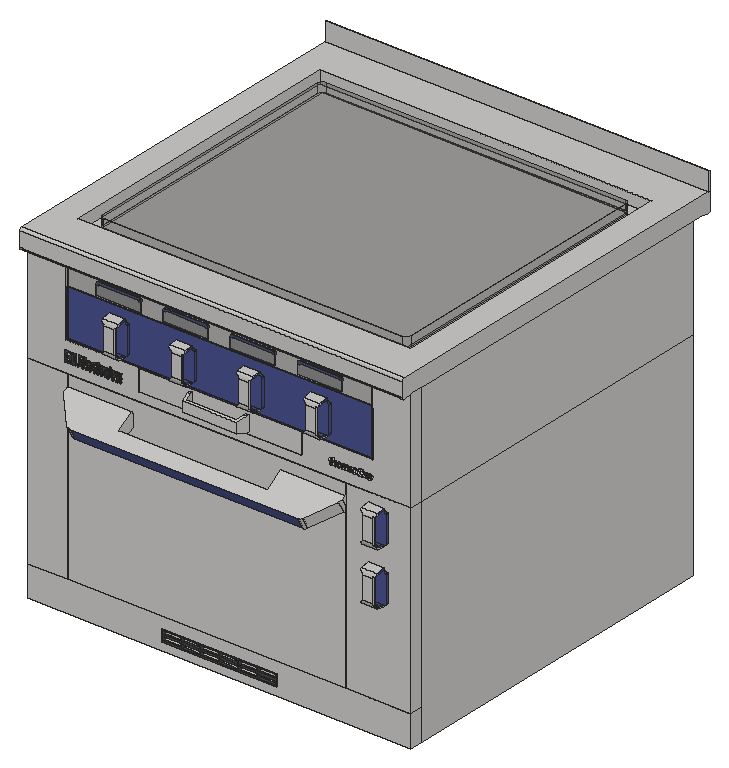
Revit family "QF_ELECTROLUXPROFESSIONAL_588415_MALMEBH8AO", category Attrezzature speciali, Revit 2020
Family settings
  Quota connettore circolare = Usa diametro
  Tipo di parte = Normale
  Basato su piano di lavoro = No
  Sempre verticale = Sì
  Taglio con vuoti quando caricato = No
  Condiviso = No
  Punto di calcolo locali = No
Parameters (values of type "Standard")
  Weight = 208.00 kg
  Watts = 17300 W
  Volts = 400 V
  URL Manufacturer = "https://www.electroluxprofessional.com/"
  URL = "https://www.electroluxprofessional.com/"
  Steam Supply Size = 0"
  Steam Supply Minimum Pressure = 0.00 psi
  Steam Supply Maximum Pressure = 0.00 psi
  Steam Consumption per Hour = 0
  Refrigeration Suction Line Size = 0 mm
  Refrigeration Liquid Line Size = 0 mm
  Refrigerant Compressor Remote = yes
  Prospetto di default = 0 mm
  Phase = 3
  Modello = "MALMEBH8AO"
  Produttore = "Electrolux Professional"
  Length Actual = 800 mm  # constant formula
  Item Number = "588415"
  Hot Water Size = 0"
  Height Actual = 700 mm  # constant formula
  HP = "23.2 HP"
  Gas Size = 0"
  Gas KW = 0
  Gas Input Pressure = 0.0 Btu/h
  Direct Waste Size = 0"
  Descrizione = "EL.SOLID T,ECO,ST.OV,1S,BS,800X800X700H"
  Depth Actual = 800 mm  # constant formula
  Cycle = 50 Hz
  Condensate Return Size = 0"
  Compressed Air Volume = 0 GPM
  Compressed Air Size = 0"
  Compressed Air Pressure = 0.00 psi
  Cold Water Size = 0"
  Accessory = yes
Reference planes
  plane 1 "BACK": y = 0
  plane 2: z = 0
  plane 3 "LEFT": x = 0
  plane 4 "RIGHT": x = 800
  plane 5 "FRONT": y = -800
  plane 6 "TOP": z = 900
  plane 7 "Center (Left/Right)": x = 400
  plane 8: y = -400
  plane 9: z = 200
  plane 10: y = -150
  plane 11 "Panel": y = -755
  plane 12: z = 798
  plane 13: z = 1327
  plane 14: x = 78
  plane 15: x = 722
  plane 16: y = -150
  plane 17: y = -650
  plane 18 "EIx": x = 755
  plane 19 "EIy": y = -585
Forms (mm)
  Extrusion 1, solid, material "QF_Finishes_Stainless Steel"
    sketch origin (-178.969, -4572, 200) x (-1, 0, 0) y (0, -1, 0)
      loop
        line (-178.969, -4527) -> (-178.969, -3817) -> (-978.969, -3817) -> (-978.969, -4527) -> (-178.969, -4527)
    from 450 to 663
  Extrusion 2, solid, material "QF_Finishes_Stainless Steel"
    sketch origin (0, 0, 0) x (0, 1, 0) y (0, 0, 1)
      loop
        line (-755, 200) -> (-755, 265) -> (-780, 265) -> (-780, 200) -> (-755, 200)
    from 0 to 800
  Extrusion 3, solid, material "QF_Finishes_Stainless Steel"
    sketch origin (-588.969, -4562, 200) x (-1, 0, 0) y (0, -1, 0)
      loop
        circle (-1343.969, -3977) r 6.35
    from 0 to -11.851
  Extrusion 4, solid, material "QF_Finishes_Stainless Steel"
    sketch origin (400, 296.4, 1219.2) x (0, 1, 0) y (0, 0, 1)
      loop
        line (-296.4, -319.2) -> (-1091.4, -319.2)
        arc (-1091.4, -319.2) -> (-1094.935, -320.664) -> (-1096.4, -324.2) r 5
        line (-1096.4, -324.2) -> (-1096.4, -355.2)
        arc (-1096.4, -355.2) -> (-1094.971, -358.264) -> (-1091.705, -359.139) r 4
        line (-1091.705, -359.139) -> (-1076.4, -356.231) -> (-316.4, -356.231) -> (-301.094, -359.139)
        arc (-301.094, -359.139) -> (-297.829, -358.264) -> (-296.4, -355.2) r 4
        line (-296.4, -355.2) -> (-296.4, -319.2)
    from -400 to 400
  Extrusion 5, solid, material "QF_Finishes_Electrolux_Black Smoke Iluminated"
    sketch origin (0, 0, 900) x (-1, 0, 0) y (0, -1, 0)
      loop
        arc (-88, 109) -> (-80.929, 111.929) -> (-78, 119) r 10
        line (-78, 119) -> (-78, 680)
        arc (-78, 680) -> (-80.929, 687.071) -> (-88, 690) r 10
        line (-88, 690) -> (-712, 690)
        arc (-712, 690) -> (-719.071, 687.071) -> (-722, 680) r 10
        line (-722, 680) -> (-722, 119)
        arc (-722, 119) -> (-719.071, 111.929) -> (-712, 109) r 10
        line (-712, 109) -> (-88, 109)
    from 0 to -20
  Extrusion 6, solid, material "QF_Finishes_Stainless Steel"
    sketch origin (-178.969, -4572, 200) x (-1, 0, 0) y (0, -1, 0)
      loop
        line (-178.969, -4527) -> (-178.969, -3817) -> (-978.969, -3817) -> (-978.969, -4527) -> (-178.969, -4527)
    from 450 to 0
  Extrusion 7, void
    sketch origin (0, -755, 0) x (-1, 0, 0) y (0, 0, 1)
      loop
        line (-520, 216.594) -> (-280, 216.594) -> (-280, 241.594) -> (-520, 241.594) -> (-520, 216.594)
    from 0 to -25
  Extrusion 8, solid, material "QF_Finishes_Black"
    sketch origin (0, -755, 0) x (-1, 0, 0) y (0, 0, 1)
      loop
        line (-280, 241.594) -> (-520, 241.594) -> (-520, 216.594) -> (-280, 216.594) -> (-280, 241.594)
      loop
        line (-282, 239.594) -> (-319.131, 239.594) -> (-319.131, 230.094) -> (-282, 230.094) -> (-282, 239.594)
      loop
        line (-282, 218.594) -> (-282, 228.094) -> (-319.131, 228.094) -> (-319.131, 218.594) -> (-282, 218.594)
      loop
        line (-321.131, 239.594) -> (-359.066, 239.594) -> (-359.066, 230.094) -> (-321.131, 230.094) -> (-321.131, 239.594)
      loop
        line (-399, 239.594) -> (-399, 230.094) -> (-361.066, 230.094) -> (-361.066, 239.594) -> (-399, 239.594)
      loop
        line (-401, 239.594) -> (-438.934, 239.594) -> (-438.934, 230.094) -> (-401, 230.094) -> (-401, 239.594)
      loop
        line (-359.066, 218.594) -> (-321.131, 218.594) -> (-321.131, 228.094) -> (-359.066, 228.094) -> (-359.066, 218.594)
      loop
        line (-361.066, 218.594) -> (-361.066, 228.094) -> (-399, 228.094) -> (-399, 218.594) -> (-361.066, 218.594)
      loop
        line (-401, 228.094) -> (-438.934, 228.094) -> (-438.934, 218.594) -> (-401, 218.594) -> (-401, 228.094)
      loop
        line (-518, 239.594) -> (-518, 230.094) -> (-480.869, 230.094) -> (-480.869, 239.594) -> (-518, 239.594)
      loop
        line (-518, 218.594) -> (-480.869, 218.594) -> (-480.869, 228.094) -> (-518, 228.094) -> (-518, 218.594)
      loop
        line (-478.869, 239.594) -> (-478.869, 230.094) -> (-440.934, 230.094) -> (-440.934, 239.594) -> (-478.869, 239.594)
      loop
        line (-440.934, 218.594) -> (-440.934, 228.094) -> (-478.869, 228.094) -> (-478.869, 218.594) -> (-440.934, 218.594)
    from -25.03 to -20
  Extrusion 9, void
    sketch origin (0, 0, 900) x (-1, 0, 0) y (0, -1, 0)
      loop
        line (-53, 715) -> (-747, 715) -> (-747, 84) -> (-53, 84) -> (-53, 715)
    from 0 to -25
  Extrusion 10, solid, material "QF_Finishes_Stainless Steel"
    sketch origin (0, 0, 900) x (-1, 0, 0) y (0, -1, 0)
      loop
        line (-82, 113) -> (-82, 686) -> (-718, 686) -> (-718, 113) -> (-82, 113)
    from -20 to -25
  Extrusion 11, solid, material "QF_Finishes_Stainless Steel"
    sketch origin (400, 296.4, 1219.2) x (0, 1, 0) y (0, 0, 1)
      loop
        line (-299.4, -319.2) -> (-296.4, -319.2) -> (-296.4, -281.2) -> (-299.4, -281.2) -> (-299.4, -319.2)
    from -400 to 400
Cuts and joins
  Extrusion 7 cuts Extrusion 6
  Extrusion 7 cuts Extrusion 2
  Extrusion 9 cuts Extrusion 4
Lines and regions (mm)
  symbolic lines
    curve 1: line (0, 0, 200) -> (800, 0, 200)
    curve 2: line (0, -800, 200) -> (0, 0, 200)
    curve 3: line (800, -800, 200) -> (0, -800, 200)
    curve 4: line (800, 0, 200) -> (800, -800, 200)
    curve 5: line (712, -109, 200) -> (88, -109, 200)
    curve 6: line (78, -119, 200) -> (78, -680, 200)
    curve 7: line (88, -690, 200) -> (712, -690, 200)
    curve 8: line (722, -680, 200) -> (722, -119, 200)
    curve 9: arc (88, -109, 200) -> (80.929, -111.929, 200) -> (78, -119, 200) r 10
    curve 10: arc (722, -119, 200) -> (719.071, -111.929, 200) -> (712, -109, 200) r 10
    curve 11: arc (712, -690, 200) -> (719.071, -687.071, 200) -> (722, -680, 200) r 10
    curve 12: arc (78, -680, 200) -> (80.929, -687.071, 200) -> (88, -690, 200) r 10
    curve 13: line (747, -84, 900) -> (53, -84, 900)
    curve 14: line (53, -84, 900) -> (53, -715, 900)
    curve 15: line (747, -715, 900) -> (747, -84, 900)
    curve 16: line (53, -715, 900) -> (747, -715, 900)
  model lines, style "SpecialityEquipment"
    curve 17: arc (584, -161, 900) -> (530.967, -289.033, 900) -> (659, -236, 900) r 75
    curve 18: line (639, -236, 900) -> (679, -236, 900)
    curve 19: line (679, -236, 900) -> (659, -216, 900)
    curve 20: line (639, -236, 900) -> (659, -216, 900)
    curve 21: arc (216, -161, 900) -> (162.967, -289.033, 900) -> (291, -236, 900) r 75
    curve 22: line (271, -236, 900) -> (311, -236, 900)
    curve 23: line (311, -236, 900) -> (291, -216, 900)
    curve 24: line (271, -236, 900) -> (291, -216, 900)
    curve 25: arc (584, -489, 900) -> (530.967, -617.033, 900) -> (659, -564, 900) r 75
    curve 26: line (639, -564, 900) -> (679, -564, 900)
    curve 27: line (679, -564, 900) -> (659, -544, 900)
    curve 28: line (639, -564, 900) -> (659, -544, 900)
    curve 29: arc (216, -489, 900) -> (162.967, -617.033, 900) -> (291, -564, 900) r 75
    curve 30: line (271, -564, 900) -> (311, -564, 900)
    curve 31: line (311, -564, 900) -> (291, -544, 900)
    curve 32: line (271, -564, 900) -> (291, -544, 900)
Dimensions and locks
  plane 3 "LEFT" to plane 4 "RIGHT" = 800 mm
  plane 5 "FRONT" to plane 1 "BACK" = 800 mm
  equal spacing: plane 3 "LEFT", plane 7 "Center (Left/Right)", plane 4 "RIGHT"
  equal spacing: plane 5 "FRONT", plane 8, plane 1 "BACK"
  plane 6 "TOP" to level = 900 mm  (x2)
  plane 9 to level = 200 mm
  plane 1 "BACK" to plane 10 to plane 11 "Panel" = 150 mm, 605 mm  (x2)
  plane 6 "TOP" to plane 9 to level = 700 mm, 200 mm
  plane 1 "BACK" to plane 5 "FRONT" = 800 mm
  plane 1 "BACK" to Extrusion 3 = 585 mm
  plane 12 to plane 9 = 598 mm
  plane 13 to plane 6 "TOP" = 427 mm
  plane 6 "TOP" to plane 12 = 102 mm
  plane 14 to plane 3 "LEFT" = 78 mm
  plane 15 to plane 4 "RIGHT" = 78 mm
  locked: plane 1 "BACK" to plane 16 at 150
  locked: plane 16 to plane 17 at 500
  plane 11 "Panel" to plane 5 "FRONT" = 45 mm
  plane 18 "EIx" to plane 4 "RIGHT" = 45 mm
  plane 19 "EIy" to plane 1 "BACK" = 585 mm
  aligned and locked: level to plane 2
  aligned and locked: Extrusion 2 to plane 4 "RIGHT"
  aligned and locked: plane 3 "LEFT" to nested 1
Automatic sketch dimensions
  Extrusion 2 sketch curve to plane 9 = 0 mm
  Extrusion 2 sketch curve to plane 11 "Panel" = 0 mm
  Extrusion 2 sketch curve to plane 5 "FRONT" = 20 mm
  plane 9 to Extrusion 2 sketch curve = 65 mm
  Extrusion 3 sketch curve to plane 18 "EIx" = 0 mm
  Extrusion 3 sketch curve to plane 19 "EIy" = 0 mm
  Extrusion 4 sketch curve to plane 5 "FRONT" = 0 mm
  Extrusion 4 sketch curve to plane 6 "TOP" = 0 mm
  Extrusion 4 sketch curve to plane 1 "BACK" = 0 mm
  Extrusion 4 sketch curve to plane 5 "FRONT" = 4 mm
  Extrusion 4 sketch curve to Extrusion 4 sketch curve = 0.695 mm
  Extrusion 4 sketch curve to plane 5 "FRONT" = 5 mm
  Extrusion 4 sketch curve to Extrusion 4 sketch curve = 15.305 mm
  plane 1 "BACK" to Extrusion 4 sketch curve = 20 mm
  plane 1 "BACK" to Extrusion 4 sketch curve = 4.695 mm
  Extrusion 4 sketch curve to Extrusion 4 sketch curve = 4 mm
  Extrusion 4 sketch curve to Extrusion 4 sketch curve = 31 mm
  Extrusion 4 sketch curve to plane 6 "TOP" = 36 mm
  Extrusion 4 sketch curve to Extrusion 4 sketch curve = 2.909 mm
  Extrusion 5 sketch curve to plane 15 = 0 mm
  Extrusion 5 sketch curve to plane 14 = 0 mm
  plane 15 to Extrusion 5 sketch curve = 10 mm  (x2)
  Extrusion 5 sketch curve to Extrusion 5 sketch curve = 10 mm  (x2)
  plane 10 to Extrusion 5 sketch curve = 41 mm
  plane 17 to Extrusion 5 sketch curve = 30 mm
  plane 9 to Extrusion 7 sketch curve = 41.594 mm
  plane 7 "Center (Left/Right)" to Extrusion 7 sketch curve = 120 mm
  Extrusion 7 sketch curve to plane 7 "Center (Left/Right)" = 120 mm
  plane 9 to Extrusion 7 sketch curve = 16.594 mm
  plane 9 to Extrusion 8 sketch curve = 41.594 mm
  plane 7 "Center (Left/Right)" to Extrusion 8 sketch curve = 120 mm
  Extrusion 8 sketch curve to Extrusion 8 sketch curve = 2 mm  (x15)
  Extrusion 8 sketch curve to Extrusion 8 sketch curve = 0 mm  (x16)
  Extrusion 8 sketch curve to Extrusion 8 sketch curve = 37.131 mm  (x2)
  Extrusion 8 sketch curve to Extrusion 8 sketch curve = 37.934 mm  (x3)
  plane 7 "Center (Left/Right)" to Extrusion 8 sketch curve = 1 mm  (x2)
  Extrusion 8 sketch curve to plane 7 "Center (Left/Right)" = 1 mm  (x2)
  plane 9 to Extrusion 8 sketch curve = 18.594 mm  (x4)
  Extrusion 8 sketch curve to Extrusion 8 sketch curve = 9.5 mm  (x6)
  plane 18 "EIx" to Extrusion 9 sketch curve = 8 mm
  plane 14 to Extrusion 9 sketch curve = 25 mm
  plane 10 to Extrusion 9 sketch curve = 66 mm
  plane 11 "Panel" to Extrusion 9 sketch curve = 40 mm
  Extrusion 10 sketch curve to plane 14 = 4 mm
  plane 15 to Extrusion 10 sketch curve = 4 mm
  plane 17 to Extrusion 10 sketch curve = 36 mm
  plane 10 to Extrusion 10 sketch curve = 37 mm
  Extrusion 1 sketch curve to plane 4 "RIGHT" = 0 mm
  Extrusion 1 sketch curve to plane 3 "LEFT" = 0 mm
  Extrusion 1 sketch curve to plane 11 "Panel" = 0 mm
  plane 1 "BACK" to Extrusion 1 sketch curve = 45 mm
  plane 1 "BACK" to curve 1 = 0 mm
  curve 1 to plane 4 "RIGHT" = 0 mm
  curve 8 to plane 15 = 0 mm
  curve 6 to plane 14 = 0 mm
  curve 2 to plane 3 "LEFT" = 0 mm
  plane 5 "FRONT" to curve 3 = 0 mm
  plane 15 to curve 5 = 10 mm
  curve 11 to curve 11 = 10 mm
  curve 5 to plane 14 = 10 mm
  curve 12 to curve 6 = 10 mm
  plane 10 to curve 5 = 41 mm
  plane 17 to curve 11 = 30 mm
  Extrusion 6 sketch curve to plane 4 "RIGHT" = 0 mm
  Extrusion 6 sketch curve to plane 3 "LEFT" = 0 mm
  Extrusion 6 sketch curve to plane 11 "Panel" = 0 mm
  plane 1 "BACK" to Extrusion 6 sketch curve = 45 mm
  plane 18 "EIx" to curve 13 = 8 mm
  plane 14 to curve 14 = 25 mm
  plane 10 to curve 13 = 66 mm
  plane 11 "Panel" to curve 16 = 40 mm
  Extrusion 11 sketch curve to plane 6 "TOP" = 0 mm
  Extrusion 11 sketch curve to plane 1 "BACK" = 0 mm
  Extrusion 11 sketch curve to Extrusion 11 sketch curve = 3 mm
  Extrusion 11 sketch curve to Extrusion 11 sketch curve = 38 mm
  plane 15 to curve 17 = 138 mm
  plane 19 "EIy" to curve 25 = 21 mm
  plane 15 to curve 25 = 138 mm
  curve 21 to plane 14 = 138 mm
  plane 19 "EIy" to curve 29 = 21 mm
  curve 29 to plane 14 = 138 mm
  curve 17 to plane 10 = 86 mm
  curve 21 to plane 10 = 86 mm
  plane 15 to curve 19 = 43 mm
  plane 15 to curve 27 = 43 mm
  curve 26 to curve 27 = 20 mm
  curve 26 to curve 25 = 20 mm
  curve 18 to curve 17 = 20 mm
  curve 20 to curve 17 = 0 mm
  curve 17 to curve 20 = 20 mm
  curve 25 to curve 26 = 20 mm
  curve 31 to plane 7 "Center (Left/Right)" = 89 mm
  curve 23 to plane 7 "Center (Left/Right)" = 89 mm
  curve 22 to curve 24 = 20 mm
  curve 30 to curve 31 = 20 mm
  curve 30 to curve 29 = 20 mm
  curve 22 to curve 21 = 20 mm
  curve 29 to curve 32 = 20 mm
  curve 21 to curve 24 = 20 mm
  radius of Extrusion 3 sketch curve = 6.35 mm
Nested families
  nested 1: "Door_Panel_W800_A" at (300, -755, 0), type "Door_Panel_W800_A"
  nested 2: "FIT Range Control Handle" at (730, -783.167, -372.751), type "FIT Range Control Handle"
  nested 3: "FIT Range Control Handle" at (730, -783.167, -484.751), type "FIT Range Control Handle"
  nested 4: "Front_Panel_W800_Four Knobs" at (202.376, -755, 0), type "Front_Panel_W800_Four Knobs"
Connectors
  electrical at (755, -585, 188.149)
    settings: on Extrusion 3, index 1, voltage 400 V, apparent load 33000 VA, apparent load phase1 0 VA, apparent load phase2 0 VA, apparent load phase3 0 VA, power factor 1, load classification "Other", number of poles 1, system type 30, power factor state 1, is connector primary yes, connector utility no, sub classification motor no, connector description "ELECTRICAL CONNECTION"
Definition of nested family "Door_Panel_W800_A"
  Parameters
    Default Elevation = 0 mm
  Reference planes
    plane 1 "Center (Front/Back)": y = 0
    plane 2 "Ref. Level": z = 0
    plane 3: x = 500
    plane 4: x = -300
    plane 5 "Center (Left/Right)": x = 100
    plane 6: x = -215
    plane 7: x = 365
    plane 8 "Manopola": through (-6096, -50.059, 612.389) normal (0, -0.515, 0.8572)
    plane 9 "Top": z = 650
    plane 10: z = 265
    plane 11: z = 200
  Forms (mm)
    Extrusion 1, solid
      sketch origin (100, 0, 0) x (0, 1, 0) y (0, 0, 1)
        loop
          line (-25.03, 650) -> (-25.03, 265) -> (0, 265) -> (0, 650) -> (-25.03, 650)
      from 265 to 400
    Extrusion 2, solid
      sketch origin (100, 0, 0) x (0, 1, 0) y (0, 0, 1)
        loop
          line (-25.03, 650) -> (-25.03, 265) -> (0, 265) -> (0, 650) -> (-25.03, 650)
      from -400 to -315
    Extrusion 3, solid
      sketch origin (100, 0, 0) x (0, 1, 0) y (0, 0, 1)
        loop
          line (-25.03, 650) -> (-25.03, 265) -> (0, 265) -> (0, 650) -> (-25.03, 650)
      from -315 to 265
    Extrusion 4, solid
      sketch origin (0, -283.633, 472.044) x (0, 0.857167, 0.515038) y (-1, 0, 0)
        loop
          line (299.12, -365) -> (299.12, 215) -> (290.982, 215)
          arc (290.982, 215) -> (286.677, 214.026) -> (283.211, 211.293) r 10
          line (283.211, 211.293) -> (233.28, 170.86)
          arc (233.28, 170.86) -> (230.548, 167.394) -> (229.574, 163.089) r 10
          line (229.574, 163.089) -> (229.574, -313.089)
          arc (229.574, -313.089) -> (230.548, -317.394) -> (233.28, -320.86) r 10
          line (233.28, -320.86) -> (283.211, -361.293)
          arc (283.211, -361.293) -> (286.677, -364.026) -> (290.982, -365) r 10
          line (290.982, -365) -> (299.12, -365)
      from -27 to 0
    Extrusion 5, void
      sketch origin (100, 0, 0) x (0, 1, 0) y (0, 0, 1)
        loop
          line (-61.514, 605.507) -> (-47.608, 582.363) -> (-25.03, 595.93) -> (-25.03, 627.429) -> (-61.514, 605.507)
      from -180 to 130
    Extrusion 6, solid, detail levels coarse
      sketch origin (100, 0, 0) x (0, 1, 0) y (0, 0, 1)
        loop
          line (-25.03, 265) -> (-25.03, 650)
          arc (-25.03, 650) -> (-297.266, 537.236) -> (-410.03, 265) r 385
          line (-410.03, 265) -> (-25.03, 265)
      from -315 to 265
  Cuts and joins
    Extrusion 5 cuts Extrusion 4
    joined: Extrusion 3, Extrusion 4
  Lines and regions (mm)
    symbolic lines
      curve 1: line (-207.355, -45.043, 0) -> (-170.86, -83.673, 0)
      curve 2: line (-163.089, -86.85, 0) -> (313.089, -86.85, 0)
      curve 3: line (320.86, -83.673, 0) -> (357.355, -45.043, 0)
      curve 4: arc (-163.089, -86.85, 0) -> (-167.318, -86.101, 0) -> (-170.86, -83.673, 0) r 10.165
      curve 5: arc (313.089, -86.85, 0) -> (317.318, -86.101, 0) -> (320.86, -83.673, 0) r 10.165
      curve 6: line (-215, -45.043, 0) -> (-215, -410.03, 0)
      curve 7: line (-215, -410.03, 0) -> (365, -410.03, 0)
      curve 8: line (365, -410.03, 0) -> (365, -45.03, 0)
  Dimensions and locks
    plane 3 to plane 4 = 800 mm
    plane 4 to plane 3 = 800 mm
    equal spacing: plane 3, plane 5 "Center (Left/Right)", plane 4
    plane 6 to plane 4 = 85 mm
    plane 3 to plane 7 = 135 mm
    plane 11 to level = 200 mm
    plane 10 to plane 11 = 65 mm
    plane 10 to plane 9 "Top" = 385 mm
    plane 9 "Top" to plane 11 = 450 mm
    aligned and locked: plane 3 to Extrusion 1
    aligned and locked: cut or joined group of Extrusion 3, Extrusion 4, Extrusion 5 to plane 6
    aligned and locked: cut or joined group of Extrusion 3, Extrusion 4, Extrusion 5 to plane 7
    aligned and locked: plane 7 to Extrusion 1
    aligned and locked: plane 6 to Extrusion 2
    aligned and locked: Extrusion 2 to plane 4
    aligned and locked: plane 10 to Extrusion 2
    aligned and locked: plane 10 to cut or joined group of Extrusion 3, Extrusion 4, Extrusion 5
    aligned and locked: plane 10 to Extrusion 1
    aligned and locked: Extrusion 6 to plane 6
    aligned and locked: Extrusion 6 to plane 7
  Automatic sketch dimensions
    Extrusion 5 sketch curve to plane 8 "Manopola" = 0 mm  (x2)
    plane 1 "Center (Front/Back)" to Extrusion 5 sketch curve = 61.514 mm
    Extrusion 5 sketch curve to Extrusion 5 sketch curve = 13.906 mm
    plane 1 "Center (Front/Back)" to Extrusion 5 sketch curve = 25.03 mm
    Extrusion 4 sketch curve to plane 7 = 0 mm
    Extrusion 4 sketch curve to plane 6 = 0 mm
    plane 6 to Extrusion 4 sketch curve = 51.911 mm
    plane 7 to Extrusion 4 sketch curve = 44.14 mm
    Extrusion 4 sketch curve to Extrusion 4 sketch curve = 3.707 mm  (x2)
    plane 6 to Extrusion 4 sketch curve = 44.14 mm
    plane 7 to Extrusion 4 sketch curve = 3.707 mm
    Extrusion 4 sketch curve to Extrusion 4 sketch curve = 49.93 mm  (x2)
    plane 6 to Extrusion 4 sketch curve = 3.707 mm
    Extrusion 4 sketch curve to Extrusion 4 sketch curve = 7.771 mm  (x3)
    Extrusion 4 sketch curve to Extrusion 4 sketch curve = 8.138 mm
    Extrusion 2 sketch curve to plane 1 "Center (Front/Back)" = 0 mm
    Extrusion 3 sketch curve to plane 1 "Center (Front/Back)" = 0 mm
    Extrusion 1 sketch curve to plane 1 "Center (Front/Back)" = 0 mm
    Extrusion 2 sketch curve to plane 9 "Top" = 0 mm
    Extrusion 2 sketch curve to Extrusion 2 sketch curve = 25.03 mm
    Extrusion 3 sketch curve to plane 9 "Top" = 0 mm
    Extrusion 3 sketch curve to Extrusion 3 sketch curve = 25.03 mm
    Extrusion 1 sketch curve to plane 9 "Top" = 0 mm
    plane 1 "Center (Front/Back)" to Extrusion 1 sketch curve = 25.03 mm
    level to Extrusion 1 sketch curve = 265 mm
    level to Extrusion 2 sketch curve = 265 mm
    level to Extrusion 3 sketch curve = 265 mm
    plane 10 to Extrusion 6 sketch curve = 0 mm
    Extrusion 6 sketch curve to plane 9 "Top" = 0 mm
    plane 1 "Center (Front/Back)" to Extrusion 6 sketch curve = 25.03 mm
    curve 7 to plane 7 = 0 mm
    plane 6 to curve 1 = 44.14 mm
    curve 4 to curve 4 = 7.389 mm
    curve 4 to curve 2 = 7.771 mm
    plane 7 to curve 2 = 51.911 mm
    curve 2 to curve 5 = 0.382 mm
    curve 2 to curve 3 = 7.771 mm
    plane 1 "Center (Front/Back)" to curve 6 = 410.03 mm
    plane 1 "Center (Front/Back)" to curve 2 = 86.85 mm
    curve 2 to curve 3 = 3.177 mm
    curve 2 to curve 1 = 3.177 mm
    plane 7 to curve 3 = 7.645 mm
    plane 1 "Center (Front/Back)" to curve 3 = 45.043 mm
    curve 3 to curve 8 = 0.013 mm
    curve 7 to plane 6 = 0 mm
    curve 6 to curve 1 = 7.645 mm
    plane 1 "Center (Front/Back)" to curve 1 = 45.043 mm
    curve 6 to curve 1 = 0 mm
Definition of nested family "FIT Range Control Handle"
  Parameters
    Default Elevation = 0 mm
  Reference planes
    plane 1 "Center (Front/Back)": y = 0
    plane 2: z = 0
    plane 3 "Center (Left/Right)": x = 0
    plane 4: z = 971.092
    plane 5: y = -16.8
  Forms (mm)
    Extrusion 1, solid
      sketch origin (-746.28, 380.497, 208.931) x (-1, 0, 0) y (0, 0, 1)
        loop
          line (-770.101, 786.798) -> (-770.101, 731.649)
          arc (-770.101, 731.649) -> (-769.759, 730.563) -> (-768.855, 729.87) r 1.893
          line (-768.855, 729.87) -> (-763.474, 727.911) -> (-729.81, 727.911) -> (-724.428, 729.87)
          arc (-724.428, 729.87) -> (-723.525, 730.563) -> (-723.183, 731.649) r 1.893
          line (-723.183, 731.649) -> (-723.183, 786.798)
          arc (-723.183, 786.798) -> (-723.529, 787.894) -> (-724.44, 788.593) r 1.91
          line (-724.44, 788.593) -> (-729.683, 790.819) -> (-763.601, 790.819) -> (-768.844, 788.593)
          arc (-768.844, 788.593) -> (-769.755, 787.894) -> (-770.101, 786.798) r 1.91
      from -382.35 to -378.852
    Sweep 2, solid
      path origin (-746.788, 380.496, 208.091) x (0, -1, 0) y (0, 0, 1)
        loop
          line (379.775, 793.281) -> (395.661, 791.048)
          arc (395.661, 791.048) -> (397.781, 787.377) -> (398.517, 783.202) r 12.207
          line (398.517, 783.202) -> (398.517, 737.368)
          arc (398.517, 737.368) -> (397.781, 733.193) -> (395.661, 729.522) r 12.207
          line (395.661, 729.522) -> (379.775, 727.289)
      profile origin (-746.788, -7.222, 1000.256) x (0, -0.139173, 0.990268) y (-1, 0, 0)
        loop
          line (0.782, -763.123) -> (0.782, -730.907) -> (-1.322, -730.907) -> (-1.322, -763.123) -> (0.782, -763.123)
    Sweep 3, solid
      path origin (-746.788, 380.715, 207.832) x (0, -1, 0) y (0, 0, 1)
        loop
          line (380.478, 795.442) -> (397.218, 793.09)
          arc (397.218, 793.09) -> (399.929, 788.473) -> (400.871, 783.202) r 15.207
          line (400.871, 783.202) -> (400.871, 737.584)
          arc (400.871, 737.584) -> (399.914, 732.274) -> (397.164, 727.633) r 15.207
          line (397.164, 727.633) -> (380.601, 725.305)
      profile origin (-746.788, -8.132, 1002.099) x (0, -0.139173, 0.990268) y (-1, 0, 0)
        loop
          line (0.782, -763.123) -> (0.782, -730.907) -> (-1.322, -730.907) -> (-1.322, -763.123) -> (0.782, -763.123)
    Extrusion 4, void
      sketch origin (889.253, 220.666, 207.993) x (1, 0, 0) y (0, 0, 1)
        loop
          line (-943.038, 816.854) -> (-943.038, 703.686) -> (-899.466, 734.196) -> (-899.466, 786.344) -> (-943.038, 816.854)
      from 230.636 to 242.25
    Extrusion 5, void
      sketch origin (-888.8, 220.666, 207.993) x (-1, 0, 0) y (0, 0, -1)
        loop
          line (-943.038, -816.854) -> (-899.466, -786.344) -> (-899.466, -734.196) -> (-943.038, -703.686) -> (-943.038, -816.854)
      from 230.636 to 242.25
    Extrusion 6, solid
      sketch origin (0, 0, 0) x (1, 0, 0) y (0, 0, 1)
        loop
          circle (0, 971.092) r 7.736
      from -3.137 to -1.645
  Cuts and joins
    Extrusion 4, Extrusion 5 cuts Sweep 3
    Extrusion 4, Extrusion 5 cuts Sweep 2
    joined: Extrusion 1, Extrusion 6
  Lines and regions (mm)
    symbolic lines
      curve 1: line (-15.881, -19.189, 0) -> (-15.881, -16.8, 0)
      curve 2: line (16.334, -19.189, 0) -> (16.334, -16.8, 0)
      curve 3: spline (-15.881, -19.189, 0) -> (-15.417, -19.349, 0) -> (-14.951, -19.501, 0) -> (-14.483, -19.646, 0) -> (-14.014, -19.783, 0) -> (-13.543, -19.912, 0) -> (-13.071, -20.033, 0) -> (-12.597, -20.146, 0) -> (-12.122, -20.251, 0) -> (-11.646, -20.349, 0) -> (-11.169, -20.438, 0) -> (-10.691, -20.52, 0) -> (-10.213, -20.593, 0)
      curve 4: spline (10.666, -20.593, 0) -> (11.144, -20.52, 0) -> (11.622, -20.438, 0) -> (12.099, -20.349, 0) -> (12.575, -20.251, 0) -> (13.05, -20.146, 0) -> (13.524, -20.033, 0) -> (13.996, -19.912, 0) -> (14.467, -19.783, 0) -> (14.936, -19.646, 0) -> (15.404, -19.501, 0) -> (15.87, -19.349, 0) -> (16.334, -19.189, 0)
      curve 5: line (-10.213, -20.938, 0) -> (10.716, -20.938, 0)
  Dimensions and locks
    cut or joined group of Sweep 3, Extrusion 4, Extrusion 5 to cut or joined group of Sweep 3, Extrusion 4, Extrusion 5 = 71.686 mm
Definition of nested family "Front_Panel_W800_Four Knobs"
  Parameters
    Default Elevation = 0 mm
  Reference planes
    plane 1 "Center (Front/Back)": y = 0
    plane 2: z = 0
    plane 3 "Center (Left/Right)": x = 197.624
    plane 4 "Left": x = -202.376
    plane 5 "Right": x = 597.624
    plane 6: y = -45
    plane 7: x = -12.376
    plane 8: x = 127.624
    plane 9: y = -310
    plane 10: y = -25
    plane 11: x = 517.624
    plane 12: x = -122.376
  Forms (mm)
    Extrusion 1, solid
      sketch origin (833.217, 829.203, -1.25) x (0, 1, 0) y (0, 0, 1)
        loop
          line (-854.203, 651.25) -> (-829.203, 651.25) -> (-829.203, 864.25) -> (-854.203, 864.25) -> (-854.203, 651.25)
      from -1035.593 to -235.593
    Extrusion 2, void
      sketch origin (0, 0, 0) x (1, 0, 0) y (0, 0, 1)
        loop
          line (-122.376, 853.866) -> (-122.376, 711.866) -> (517.624, 711.866) -> (517.624, 853.866) -> (-122.376, 853.866)
      from 19.387 to 33.951
    Extrusion 3, void
      sketch origin (0, 0, 0) x (1, 0, 0) y (0, 0, 1)
        loop
          line (30.124, 711.866) -> (30.124, 666.866) -> (370.124, 666.866) -> (370.124, 711.866) -> (30.124, 711.866)
      from 19.387 to 25
    Extrusion 4, solid
      sketch origin (0, 0, 0) x (1, 0, 0) y (0, 0, 1)
        loop
          line (31.124, 710.866) -> (31.124, 667.866) -> (369.124, 667.866) -> (369.124, 710.866) -> (31.124, 710.866)
      from 19.387 to 25
    Extrusion 5, solid
      sketch origin (0, 0, 0) x (1, 0, 0) y (0, 1, 0)
        loop
          line (141.059, -25) -> (135.966, -25) -> (140.646, -49.075) -> (254.603, -49.075) -> (259.283, -25) -> (254.189, -25) -> (250.481, -44.075) -> (144.767, -44.075) -> (141.059, -25)
      from 672.593 to 705.67
    Extrusion 6, void
      sketch origin (197.624, 0, 0) x (0, 1, 0) y (0, 0, 1)
        loop
          line (-30, 705.67) -> (-30, 710.67) -> (-56.744, 710.67) -> (-56.744, 667.593) -> (-30, 667.593) -> (-30, 672.593) -> (-53.776, 680.318) -> (-53.776, 697.945) -> (-30, 705.67)
      from -70 to 70
    Extrusion 7, solid, detail levels coarse
      sketch origin (0, -265, 0) x (1, 0, 0) y (0, 1, 0)
        loop
          line (140.646, -69.075) -> (254.603, -69.075) -> (259.283, -45) -> (364.124, -45) -> (364.124, 240) -> (31.124, 240) -> (31.124, -45) -> (135.966, -45) -> (140.646, -69.075)
      from 672.593 to 705.67
    Extrusion 8, void
      sketch origin (197.624, -280, 0) x (0, 1, 0) y (0, 0, 1)
        loop
          line (-30, 705.67) -> (-30, 710.67) -> (-56.744, 710.67) -> (-56.744, 667.593) -> (-30, 667.593) -> (-30, 672.593) -> (-53.776, 680.318) -> (-53.776, 697.945) -> (-30, 705.67)
      from -70 to 70
  Cuts and joins
    Extrusion 2, Extrusion 3 cuts Extrusion 1
    Extrusion 6, Extrusion 8 cuts Extrusion 5
    Extrusion 8 cuts Extrusion 7
  Lines and regions (mm)
    symbolic lines
      curve 1: line (31.124, -45, 0) -> (31.124, -310, 0)
      curve 2: line (31.124, -310, 0) -> (364.124, -310, 0)
      curve 3: line (135.966, -310, 0) -> (140.646, -334.075, 0)
      curve 4: line (140.646, -334.075, 0) -> (254.603, -334.075, 0)
      curve 5: line (254.603, -334.075, 0) -> (259.283, -310, 0)
      curve 6: line (364.124, -310, 0) -> (364.124, -45, 0)
      curve 7: line (31.124, -300, 0) -> (364.124, -300, 0)
      curve 8: line (140.874, -309.046, 0) -> (144.767, -329.075, 0)
      curve 9: line (144.767, -329.075, 0) -> (250.481, -329.075, 0)
      curve 10: line (250.481, -329.075, 0) -> (254.375, -309.046, 0)
  Dimensions and locks
    equal spacing: plane 5 "Right", plane 3 "Center (Left/Right)", plane 4 "Left"
    plane 5 "Right" to plane 4 "Left" = 800 mm
    plane 3 "Center (Left/Right)" to plane 7 = 210 mm
    plane 3 "Center (Left/Right)" to plane 8 = 70 mm
    plane 6 to plane 9 = 265 mm
    aligned and locked: cut or joined group of Extrusion 1, Extrusion 2, Extrusion 3 to plane 4 "Left"
    aligned and locked: plane 5 "Right" to cut or joined group of Extrusion 1, Extrusion 2, Extrusion 3
    aligned and locked: plane 3 "Center (Left/Right)" to nested 2
    aligned and locked: cut or joined group of Extrusion 1, Extrusion 2, Extrusion 3 to nested 2
  Automatic sketch dimensions
    plane 7 to Extrusion 3 sketch curve = 42.5 mm
    plane 3 "Center (Left/Right)" to Extrusion 3 sketch curve = 172.5 mm
    level to Extrusion 3 sketch curve = 666.866 mm
    Extrusion 3 sketch curve to Extrusion 3 sketch curve = 45 mm
    plane 7 to Extrusion 4 sketch curve = 43.5 mm
    plane 3 "Center (Left/Right)" to Extrusion 4 sketch curve = 171.5 mm
    level to Extrusion 4 sketch curve = 667.866 mm
    Extrusion 4 sketch curve to Extrusion 4 sketch curve = 43 mm
    plane 8 to Extrusion 5 sketch curve = 8.342 mm
    plane 6 to Extrusion 5 sketch curve = 4.075 mm
    plane 8 to Extrusion 5 sketch curve = 13.021 mm
    Extrusion 5 sketch curve to Extrusion 5 sketch curve = 5.094 mm  (x2)
    Extrusion 5 sketch curve to plane 6 = 0.925 mm
    Extrusion 5 sketch curve to Extrusion 5 sketch curve = 4.122 mm  (x2)
    plane 3 "Center (Left/Right)" to Extrusion 5 sketch curve = 52.857 mm
    Extrusion 5 sketch curve to plane 6 = 20 mm  (x2)
    Extrusion 5 sketch curve to Extrusion 5 sketch curve = 3.708 mm
    plane 6 to Extrusion 6 sketch curve = 11.744 mm
    plane 6 to Extrusion 6 sketch curve = 8.776 mm
    Extrusion 6 sketch curve to plane 6 = 15 mm  (x2)
    level to Extrusion 6 sketch curve = 667.593 mm
    Extrusion 6 sketch curve to Extrusion 6 sketch curve = 5 mm
    Extrusion 6 sketch curve to Extrusion 6 sketch curve = 12.725 mm  (x2)
    Extrusion 6 sketch curve to Extrusion 6 sketch curve = 17.627 mm
    Extrusion 6 sketch curve to Extrusion 6 sketch curve = 7.725 mm
    Extrusion 8 sketch curve to plane 9 = 26.744 mm
    Extrusion 8 sketch curve to plane 9 = 23.776 mm
    plane 9 to Extrusion 8 sketch curve = 0 mm  (x2)
    level to Extrusion 8 sketch curve = 667.593 mm
    Extrusion 8 sketch curve to Extrusion 8 sketch curve = 5 mm
    Extrusion 8 sketch curve to Extrusion 8 sketch curve = 12.725 mm  (x2)
    Extrusion 8 sketch curve to Extrusion 8 sketch curve = 17.627 mm
    Extrusion 8 sketch curve to Extrusion 8 sketch curve = 7.725 mm
    plane 9 to Extrusion 7 sketch curve = 0 mm  (x2)
    plane 7 to Extrusion 7 sketch curve = 43.5 mm
    plane 8 to Extrusion 7 sketch curve = 8.342 mm
    Extrusion 7 sketch curve to plane 9 = 24.075 mm
    plane 8 to Extrusion 7 sketch curve = 13.021 mm
    Extrusion 7 sketch curve to Extrusion 7 sketch curve = 104.842 mm
    Extrusion 7 sketch curve to plane 6 = 20 mm
    plane 3 "Center (Left/Right)" to Extrusion 7 sketch curve = 56.979 mm
    Extrusion 7 sketch curve to Extrusion 7 sketch curve = 4.68 mm
    Extrusion 1 sketch curve to plane 1 "Center (Front/Back)" = 0 mm
    level to Extrusion 1 sketch curve = 650 mm
    plane 4 "Left" to Extrusion 2 sketch curve = 80 mm
    Extrusion 2 sketch curve to plane 5 "Right" = 80 mm
    level to Extrusion 2 sketch curve = 711.866 mm
    Extrusion 2 sketch curve to Extrusion 2 sketch curve = 142 mm
    plane 6 to curve 1 = 0 mm
    plane 6 to curve 6 = 0 mm
    plane 9 to curve 1 = 0 mm
    plane 7 to curve 1 = 43.5 mm
    curve 4 to plane 9 = 24.075 mm
    plane 8 to curve 4 = 13.021 mm
    curve 3 to curve 8 = 4.122 mm
    plane 3 "Center (Left/Right)" to curve 4 = 56.979 mm
    curve 4 to curve 2 = 109.521 mm
    plane 8 to curve 3 = 8.342 mm
    curve 3 to curve 8 = 4.908 mm
    curve 9 to curve 4 = 4.122 mm
    curve 10 to plane 9 = 19.075 mm
    curve 9 to curve 5 = 8.801 mm
    plane 9 to curve 10 = 0.954 mm
    curve 10 to curve 5 = 4.908 mm
    curve 3 to curve 8 = 0.954 mm
    curve 1 to curve 7 = 10 mm
    Extrusion 1 sketch curve to plane 6 = 20 mm
    Extrusion 1 sketch curve to Extrusion 1 sketch curve = 213 mm
  Nested families
    nested 1: "Range Control Handle" at (-12.376, -28.137, -209.113) x (-1, 0, 0) z (0, 0, 1), type "Range Control Handle"
    nested 2: "Front glass control panel W800" at (197.624, 280.644, 2.752), type "Front glass control panel W800"
    nested 3: "Range Control Handle" at (127.624, -28.137, -209.113) x (-1, 0, 0) z (0, 0, 1), type "Range Control Handle"
    nested 4: "Range Control Handle" at (407.624, -28.137, -209.113), type "Range Control Handle"
    nested 5: "Range Control Handle" at (267.624, -28.137, -209.113), type "Range Control Handle"
    nested 6: "ELX_ThermaLine_Small" at (468.838, -25, 679.426) x (1, 0, 0) z (0, -1, 0), type "ELX_ThermaLine_Small"
      with Show Logo yes, Material_Logo none
    nested 7: "ELX_Professional_Logo_Small" at (-62.89, -25, 681.659) x (1, 0, 0) z (0, -1, 0), type "ELX_Professional_Logo_Small"
      with Show Logo yes, Material_Logo none
  Definition of nested family "Range Control Handle"
    Parameters
      Default Elevation = 0 mm
    Reference planes
      plane 1 "Center (Front/Back)": y = 0
      plane 2: z = 0
      plane 3 "Center (Left/Right)": x = 0
      plane 4: z = 971.092
      plane 5: y = -16.9
    Forms (mm)
      Extrusion 1, solid
        sketch origin (-746.28, 380.497, 208.931) x (-1, 0, 0) y (0, 0, 1)
          loop
            line (-770.101, 786.798) -> (-770.101, 731.649)
            arc (-770.101, 731.649) -> (-769.759, 730.563) -> (-768.855, 729.87) r 1.893
            line (-768.855, 729.87) -> (-763.474, 727.911) -> (-729.81, 727.911) -> (-724.428, 729.87)
            arc (-724.428, 729.87) -> (-723.525, 730.563) -> (-723.183, 731.649) r 1.893
            line (-723.183, 731.649) -> (-723.183, 786.798)
            arc (-723.183, 786.798) -> (-723.529, 787.894) -> (-724.44, 788.593) r 1.91
            line (-724.44, 788.593) -> (-729.683, 790.819) -> (-763.601, 790.819) -> (-768.844, 788.593)
            arc (-768.844, 788.593) -> (-769.755, 787.894) -> (-770.101, 786.798) r 1.91
        from -382.35 to -378.852
      Sweep 2, solid
        path origin (-746.788, 380.496, 208.091) x (0, -1, 0) y (0, 0, 1)
          loop
            line (379.775, 793.281) -> (395.661, 791.048)
            arc (395.661, 791.048) -> (397.781, 787.377) -> (398.517, 783.202) r 12.207
            line (398.517, 783.202) -> (398.517, 737.368)
            arc (398.517, 737.368) -> (397.781, 733.193) -> (395.661, 729.522) r 12.207
            line (395.661, 729.522) -> (379.775, 727.289)
        profile origin (-746.788, -7.222, 1000.256) x (0, -0.139173, 0.990268) y (-1, 0, 0)
          loop
            line (0.782, -763.123) -> (0.782, -730.907) -> (-1.322, -730.907) -> (-1.322, -763.123) -> (0.782, -763.123)
      Sweep 3, solid
        path origin (-746.788, 380.715, 207.832) x (0, -1, 0) y (0, 0, 1)
          loop
            line (380.478, 795.442) -> (397.218, 793.09)
            arc (397.218, 793.09) -> (399.929, 788.473) -> (400.871, 783.202) r 15.207
            line (400.871, 783.202) -> (400.871, 737.584)
            arc (400.871, 737.584) -> (399.914, 732.274) -> (397.164, 727.633) r 15.207
            line (397.164, 727.633) -> (380.601, 725.305)
        profile origin (-746.788, -8.132, 1002.099) x (0, -0.139173, 0.990268) y (-1, 0, 0)
          loop
            line (0.782, -763.123) -> (0.782, -730.907) -> (-1.322, -730.907) -> (-1.322, -763.123) -> (0.782, -763.123)
      Extrusion 4, void
        sketch origin (889.253, 220.666, 207.993) x (1, 0, 0) y (0, 0, 1)
          loop
            line (-943.038, 816.854) -> (-943.038, 703.686) -> (-899.466, 734.196) -> (-899.466, 786.344) -> (-943.038, 816.854)
        from 230.636 to 242.25
      Extrusion 5, void
        sketch origin (-888.8, 220.666, 207.993) x (-1, 0, 0) y (0, 0, -1)
          loop
            line (-943.038, -816.854) -> (-899.466, -786.344) -> (-899.466, -734.196) -> (-943.038, -703.686) -> (-943.038, -816.854)
        from 230.636 to 242.25
      Extrusion 6, solid
        sketch origin (0, 0, 0) x (1, 0, 0) y (0, 0, 1)
          loop
            circle (0, 971.092) r 7.736
        from -3.137 to -1.645
    Cuts and joins
      Extrusion 4, Extrusion 5 cuts Sweep 3
      Extrusion 4, Extrusion 5 cuts Sweep 2
      joined: Extrusion 1, Extrusion 6
    Lines and regions (mm)
      symbolic lines
        curve 1: line (16.334, -16.9, 0) -> (16.334, -19.227, 0)
        curve 2: spline (16.334, -19.227, 0) -> (15.87, -19.385, 0) -> (15.404, -19.536, 0) -> (14.936, -19.678, 0) -> (14.466, -19.813, 0) -> (13.995, -19.94, 0) -> (13.523, -20.059, 0) -> (13.049, -20.171, 0) -> (12.575, -20.274, 0) -> (12.099, -20.37, 0) -> (11.622, -20.458, 0) -> (11.144, -20.537, 0) -> (10.666, -20.609, 0)
        curve 3: line (10.666, -16.9, 0) -> (10.666, -20.938, 0)
        curve 4: line (-10.213, -20.938, 0) -> (10.666, -20.938, 0)
        curve 5: line (-10.213, -20.938, 0) -> (-10.213, -16.9, 0)
        curve 6: spline (-10.213, -20.609, 0) -> (-10.691, -20.537, 0) -> (-11.169, -20.458, 0) -> (-11.646, -20.37, 0) -> (-12.122, -20.274, 0) -> (-12.597, -20.171, 0) -> (-13.07, -20.059, 0) -> (-13.542, -19.94, 0) -> (-14.013, -19.813, 0) -> (-14.483, -19.678, 0) -> (-14.951, -19.536, 0) -> (-15.417, -19.385, 0) -> (-15.881, -19.227, 0)
        curve 7: line (-15.881, -19.227, 0) -> (-15.881, -16.9, 0)
  Definition of nested family "Front glass control panel W800"
    Parameters
      Default Elevation = 0 mm
    Reference planes
      plane 1 "Center (Front/Back)": y = 0
      plane 2: z = 0
      plane 3 "Center (Left/Right)": x = 0
    Forms (mm)
      Extrusion 1, solid
        sketch origin (378.286, 0, 0.617) x (1, 0, 0) y (0, 0, 1)
          loop
            line (-698.286, 806.791) -> (-698.286, 708.497) -> (-58.286, 708.497) -> (-58.286, 806.791) -> (-698.286, 806.791)
        from 300.031 to 304.8
      Extrusion 2, solid
        sketch origin (378.286, 0, 0.617) x (1, 0, 0) y (0, 0, 1)
          loop
            line (-698.286, 850.497) -> (-698.286, 806.791) -> (-58.286, 806.791) -> (-58.286, 850.497) -> (-698.286, 850.497)
        from 300.031 to 304.8
      Extrusion 3, void
        sketch origin (378.286, 0, 0.617) x (1, 0, 0) y (0, 0, 1)
          loop
            line (-695.628, 847.565) -> (-695.628, 710.699) -> (-61.196, 710.699) -> (-61.196, 847.565) -> (-695.628, 847.565)
        from 303.697 to 304.8
      Extrusion 4, solid
        sketch origin (-378.333, 1.101, -0.633) x (-1, 0, 0) y (0, 0, -1)
          loop
            line (-261.431, -812.62) -> (-355.186, -812.62) -> (-355.186, -834.177) -> (-350.269, -834.177) -> (-348.469, -835.977) -> (-268.039, -835.977) -> (-266.24, -834.177) -> (-261.431, -834.177) -> (-261.431, -812.62)
        from 304.798 to 306.745
      Extrusion 5, solid
        sketch origin (-378.333, 1.101, -0.633) x (-1, 0, 0) y (0, 0, -1)
          loop
            line (-350.269, -834.177) -> (-355.078, -834.177)
            arc (-355.078, -834.177) -> (-353.942, -838.747) -> (-349.686, -840.763) r 5.5
            line (-349.686, -840.763) -> (-266.98, -840.763)
            arc (-266.98, -840.763) -> (-262.706, -838.752) -> (-261.529, -834.177) r 5.549
            line (-261.529, -834.177) -> (-266.24, -834.177) -> (-268.039, -835.977) -> (-348.469, -835.977) -> (-350.269, -834.177)
        from 304.798 to 306.745
      Extrusion 6, solid
        sketch origin (-518.333, 1.101, -0.633) x (-1, 0, 0) y (0, 0, -1)
          loop
            line (-261.431, -812.62) -> (-355.186, -812.62) -> (-355.186, -834.177) -> (-350.269, -834.177) -> (-348.469, -835.977) -> (-268.039, -835.977) -> (-266.24, -834.177) -> (-261.431, -834.177) -> (-261.431, -812.62)
        from 304.798 to 306.745
      Extrusion 7, solid
        sketch origin (-518.333, 1.101, -0.633) x (-1, 0, 0) y (0, 0, -1)
          loop
            line (-350.269, -834.177) -> (-355.078, -834.177)
            arc (-355.078, -834.177) -> (-353.942, -838.747) -> (-349.686, -840.763) r 5.5
            line (-349.686, -840.763) -> (-266.98, -840.763)
            arc (-266.98, -840.763) -> (-262.706, -838.752) -> (-261.529, -834.177) r 5.549
            line (-261.529, -834.177) -> (-266.24, -834.177) -> (-268.039, -835.977) -> (-348.469, -835.977) -> (-350.269, -834.177)
        from 304.798 to 306.745
      Extrusion 8, solid
        sketch origin (378.333, 1.101, -0.633) x (1, 0, 0) y (0, 0, 1)
          loop
            line (-261.431, 812.62) -> (-261.431, 834.177) -> (-266.24, 834.177) -> (-268.039, 835.977) -> (-348.469, 835.977) -> (-350.269, 834.177) -> (-355.186, 834.177) -> (-355.186, 812.62) -> (-261.431, 812.62)
        from 304.798 to 306.745
      Extrusion 9, solid
        sketch origin (378.333, 1.101, -0.633) x (1, 0, 0) y (0, 0, 1)
          loop
            line (-350.269, 834.177) -> (-348.469, 835.977) -> (-268.039, 835.977) -> (-266.24, 834.177) -> (-261.529, 834.177)
            arc (-261.529, 834.177) -> (-262.706, 838.752) -> (-266.98, 840.763) r 5.549
            line (-266.98, 840.763) -> (-349.686, 840.763)
            arc (-349.686, 840.763) -> (-353.942, 838.747) -> (-355.078, 834.177) r 5.5
            line (-355.078, 834.177) -> (-350.269, 834.177)
        from 304.798 to 306.745
      Extrusion 10, solid
        sketch origin (518.333, 1.101, -0.633) x (1, 0, 0) y (0, 0, 1)
          loop
            line (-261.431, 812.62) -> (-261.431, 834.177) -> (-266.24, 834.177) -> (-268.039, 835.977) -> (-348.469, 835.977) -> (-350.269, 834.177) -> (-355.186, 834.177) -> (-355.186, 812.62) -> (-261.431, 812.62)
        from 304.798 to 306.745
      Extrusion 11, solid
        sketch origin (518.333, 1.101, -0.633) x (1, 0, 0) y (0, 0, 1)
          loop
            line (-350.269, 834.177) -> (-348.469, 835.977) -> (-268.039, 835.977) -> (-266.24, 834.177) -> (-261.529, 834.177)
            arc (-261.529, 834.177) -> (-262.706, 838.752) -> (-266.98, 840.763) r 5.549
            line (-266.98, 840.763) -> (-349.686, 840.763)
            arc (-349.686, 840.763) -> (-353.942, 838.747) -> (-355.078, 834.177) r 5.5
            line (-355.078, 834.177) -> (-350.269, 834.177)
        from 304.798 to 306.745
    Cuts and joins
      Extrusion 3 cuts Extrusion 1
      Extrusion 3 cuts Extrusion 2
    Dimensions and locks
      aligned and locked: Extrusion 1 to Extrusion 2
      aligned and locked: Extrusion 5 sketch curve to Extrusion 4  (x5)
      aligned and locked: Extrusion 5 to Extrusion 4
      aligned and locked: Extrusion 7 sketch curve to Extrusion 6  (x5)
      aligned and locked: Extrusion 7 to Extrusion 6
      aligned and locked: Extrusion 9 sketch curve to Extrusion 8  (x4)
      aligned and locked: Extrusion 8 to Extrusion 9 sketch curve
      aligned and locked: Extrusion 9 to Extrusion 8
      aligned and locked: Extrusion 11 sketch curve to Extrusion 10  (x4)
      aligned and locked: Extrusion 10 to Extrusion 11 sketch curve
      aligned and locked: Extrusion 11 to Extrusion 10
  Definition of nested family "ELX_ThermaLine_Small"
    Parameters
      Show Logo [instance] = yes
      Material_Logo [instance] = none
      Default Elevation = 0 mm
    Reference planes
      plane 1 "Centro (Fronte/Retro)": y = 0
      plane 2: z = 0
      plane 3 "Centro (Sinistra/Destra)": x = 0
    Forms (mm)
      Extrusion 1, solid
        sketch origin (0, 0, 0) x (1, 0, 0) y (0, 1, 0)
          loop
            line (-1219.2, 1219.2) -> (-1219.2, -1219.2) -> (1219.2, -1219.2) -> (1219.2, 1219.2) -> (-1219.2, 1219.2)
        from 0 to -304.8
      Extrusion 2, solid
        sketch origin (0, 0, 0) x (1, 0, 0) y (0, 1, 0)
          loop
            line (-37.494, 1.229) -> (-35.908, 1.229) -> (-35.908, 3.066) -> (-37.494, 3.066) -> (-37.494, 6.221) -> (-39.867, 4.881) -> (-39.867, 3.066) -> (-40.969, 3.066) -> (-40.969, 1.229) -> (-39.867, 1.229) -> (-39.867, -3.407)
            arc (-39.867, -3.407) -> (-38.982, -5.513) -> (-36.751, -6.001) r 2.478
            line (-36.751, -6.001) -> (-35.638, -5.7) -> (-35.9, -3.835) -> (-36.661, -4.039)
            arc (-36.661, -4.039) -> (-37.236, -3.924) -> (-37.494, -3.399) r 0.662
            line (-37.494, -3.399) -> (-37.494, 1.229)
          loop
            line (-34.242, 6.539) -> (-34.242, -5.848) -> (-31.854, -5.848) -> (-31.854, -0.078)
            arc (-31.854, -0.078) -> (-30.939, 1.249) -> (-29.33, 1.367) r 1.866
            arc (-29.33, 1.367) -> (-28.695, 0.768) -> (-28.461, -0.073) r 1.627
            line (-28.461, -0.073) -> (-28.461, -5.848) -> (-26.086, -5.848) -> (-26.064, -0.46)
            arc (-26.064, -0.46) -> (-26.261, 0.932) -> (-26.786, 2.237) r 5.825
            arc (-26.786, 2.237) -> (-29.381, 3.264) -> (-31.854, 1.971) r 3.353
            line (-31.854, 1.971) -> (-31.854, 6.539) -> (-34.242, 6.539)
          loop
            arc (-18.398, -0.598) -> (-18.893, 0.879) -> (-20.326, 1.487) r 1.897
            arc (-20.326, 1.487) -> (-21.461, 0.708) -> (-21.897, -0.598) r 2.164
            line (-21.897, -0.598) -> (-18.398, -0.598)
          loop
            arc (-16.021, -2.044) -> (-16.754, 1.227) -> (-19.444, 3.226) r 4.814
            arc (-19.444, 3.226) -> (-22.137, 2.788) -> (-23.943, 0.743) r 4.054
            arc (-23.943, 0.743) -> (-24.382, -1.249) -> (-24.162, -3.276) r 6.289
            arc (-24.162, -3.276) -> (-23.302, -4.71) -> (-21.958, -5.705) r 4.28
            arc (-21.958, -5.705) -> (-18.558, -5.814) -> (-16.152, -3.409) r 4.28
            line (-16.152, -3.409) -> (-18.5, -2.995)
            arc (-18.5, -2.995) -> (-19.273, -3.994) -> (-20.533, -4.076) r 1.536
            arc (-20.533, -4.076) -> (-21.56, -3.281) -> (-21.958, -2.044) r 2.197
            line (-21.958, -2.044) -> (-16.021, -2.044)
          loop
            line (-14.165, -5.848) -> (-11.819, -5.848) -> (-11.819, -2.138)
            arc (-11.819, -2.138) -> (-11.787, -1.156) -> (-11.637, -0.185) r 8.18
            arc (-11.637, -0.185) -> (-10.644, 0.972) -> (-9.132, 0.776) r 1.603
            line (-9.132, 0.776) -> (-8.419, 2.846)
            arc (-8.419, 2.846) -> (-10.432, 3.118) -> (-11.994, 1.821) r 2.527
            line (-11.994, 1.821) -> (-11.994, 3.094) -> (-14.165, 3.094) -> (-14.165, -5.848)
          loop
            line (-7.579, 3.094) -> (-7.579, -5.848) -> (-5.178, -5.848) -> (-5.178, -0.756)
            arc (-5.178, -0.756) -> (-4.727, 0.679) -> (-3.417, 1.419) r 2.05
            arc (-3.417, 1.419) -> (-2.499, 0.908) -> (-2.155, -0.085) r 1.471
            line (-2.155, -0.085) -> (-2.155, -5.848) -> (0.23, -5.848) -> (0.23, -1.001)
            arc (0.23, -1.001) -> (0.47, 0.127) -> (1.148, 1.061) r 2.775
            arc (1.148, 1.061) -> (2.225, 1.329) -> (3.05, 0.587) r 1.182
            arc (3.05, 0.587) -> (3.199, -0.019) -> (3.214, -0.642) r 2.894
            line (3.214, -0.642) -> (3.214, -5.848) -> (5.601, -5.848) -> (5.601, 0.261)
            arc (5.601, 0.261) -> (4.87, 2.263) -> (2.976, 3.241) r 2.932
            arc (2.976, 3.241) -> (1.284, 2.973) -> (-0.047, 1.896) r 3.309
            arc (-0.047, 1.896) -> (-1.116, 2.865) -> (-2.506, 3.258) r 3.16
            arc (-2.506, 3.258) -> (-4.105, 2.942) -> (-5.376, 1.92) r 3.419
            line (-5.376, 1.92) -> (-5.376, 3.094) -> (-7.579, 3.094)
          loop
            line (7.583, 0.738) -> (9.702, 0.364)
            arc (9.702, 0.364) -> (11.441, 1.492) -> (12.855, -0.023) r 1.613
            line (12.855, -0.023) -> (9.782, -0.789)
            arc (9.782, -0.789) -> (8.559, -1.346) -> (7.617, -2.305) r 3.687
            arc (7.617, -2.305) -> (7.499, -3.681) -> (7.901, -5.003) r 3.651
            arc (7.901, -5.003) -> (9.107, -5.766) -> (10.515, -6.006) r 3.635
            arc (10.515, -6.006) -> (11.898, -5.697) -> (13.067, -4.895) r 3.734
            line (13.067, -4.895) -> (13.376, -5.848) -> (15.75, -5.848) -> (15.212, -4.193) -> (15.212, 0.38)
            arc (15.212, 0.38) -> (14.897, 1.849) -> (13.818, 2.895) r 2.585
            arc (13.818, 2.895) -> (11.792, 3.442) -> (9.719, 3.11) r 5.005
            arc (9.719, 3.11) -> (8.369, 2.178) -> (7.583, 0.738) r 3.54
          loop
            line (19.723, -5.848) -> (22.233, -5.848) -> (24.854, 6.484) -> (22.345, 6.484) -> (19.723, -5.848)
          loop
            line (24.583, -5.848) -> (26.953, -5.848) -> (28.848, 3.066) -> (26.478, 3.066) -> (24.583, -5.848)
          loop
            line (27.204, 6.484) -> (26.741, 4.305) -> (29.111, 4.305) -> (29.575, 6.484) -> (27.204, 6.484)
          loop
            line (29.355, -5.848) -> (31.849, -5.848) -> (33.098, 0.028)
            arc (33.098, 0.028) -> (34.169, 1.306) -> (35.832, 1.422) r 2.132
            arc (35.832, 1.422) -> (36.324, 0.752) -> (36.383, -0.078) r 1.5
            line (36.383, -0.078) -> (35.157, -5.848) -> (37.536, -5.848) -> (38.936, 0.738)
            arc (38.936, 0.738) -> (38.775, 2.091) -> (37.825, 3.066) r 2.118
            arc (37.825, 3.066) -> (35.392, 3.175) -> (33.295, 1.937) r 4.271
            line (33.295, 1.937) -> (33.535, 3.066) -> (31.25, 3.066) -> (29.355, -5.848)
          loop
            line (42.792, -0.64) -> (46.589, -0.64)
            arc (46.589, -0.64) -> (46.639, 0.124) -> (46.327, 0.823) r 1.589
            arc (46.327, 0.823) -> (45.117, 1.521) -> (43.762, 1.183) r 1.865
            arc (43.762, 1.183) -> (43.141, 0.344) -> (42.792, -0.64) r 3.538
          loop
            line (42.565, -2.138) -> (48.593, -2.138)
            arc (48.593, -2.138) -> (48.58, 0.597) -> (46.983, 2.818) r 4.494
            arc (46.983, 2.818) -> (44.191, 3.28) -> (41.725, 1.891) r 4.26
            arc (41.725, 1.891) -> (40.503, -0.3) -> (40.284, -2.799) r 6.003
            arc (40.284, -2.799) -> (40.959, -4.468) -> (42.377, -5.576) r 3.482
            arc (42.377, -5.576) -> (44.265, -5.961) -> (46.152, -5.576) r 4.823
            arc (46.152, -5.576) -> (47.432, -4.731) -> (48.328, -3.485) r 4.245
            line (48.328, -3.485) -> (46.168, -3.105)
            arc (46.168, -3.105) -> (45.214, -4.072) -> (43.859, -4.181) r 1.953
            arc (43.859, -4.181) -> (42.821, -3.408) -> (42.565, -2.138) r 1.81
          loop
            line (12.868, -1.553) -> (10.216, -2.214)
            arc (10.216, -2.214) -> (9.747, -3.136) -> (10.216, -4.058) r 1.14
            arc (10.216, -4.058) -> (11.537, -4.249) -> (12.614, -3.46) r 1.763
            arc (12.614, -3.46) -> (12.858, -2.522) -> (12.868, -1.553) r 3.97
        from 0 to 1.6
    Dimensions and locks
      aligned and locked: plane 2 to Extrusion 1
      aligned and locked: level to Extrusion 1
  Definition of nested family "ELX_Professional_Logo_Small"
    Parameters
      Show Logo [instance] = yes
      Material_Logo [instance] = none
      Default Elevation = 0 mm
    Reference planes
      plane 1 "Centro (Fronte/Retro)": y = 0
      plane 2: z = 0
      plane 3 "Centro (Sinistra/Destra)": x = 0
    Forms (mm)
      Extrusion 1, solid
        sketch origin (0, 0, 0) x (1, 0, 0) y (0, 1, 0)
          loop
            line (-1219.2, 1219.2) -> (-1219.2, -1219.2) -> (1219.2, -1219.2) -> (1219.2, 1219.2) -> (-1219.2, 1219.2)
        from 0 to -304.8
      Extrusion 2, solid, material <- "Material_Logo"
        sketch origin (15.5, 0, 0) x (1, 0, 0) y (0, 1, 0)
          loop
            spline (-42.99, -1.24) -> (-43.195, -1.231) -> (-43.415, -1.203) -> (-43.642, -1.152) -> (-43.87, -1.074) -> (-44.095, -0.966) -> (-44.309, -0.825) -> (-44.506, -0.647) -> (-44.681, -0.429) -> (-44.828, -0.167) -> (-44.94, 0.142) -> (-45.011, 0.501) -> (-45.037, 0.915)
            line (-45.037, 0.915) -> (-45.037, 2.748) -> (-38.984, 2.748) -> (-38.984, 5.086) -> (-45.038, 5.086) -> (-45.038, 8.489) -> (-38.599, 8.489) -> (-38.599, 10.82) -> (-47.515, 10.82) -> (-47.515, 1.021)
            spline (-47.515, 1.021) -> (-47.493, 0.418) -> (-47.425, -0.15) -> (-47.311, -0.682) -> (-47.15, -1.175) -> (-46.939, -1.628) -> (-46.678, -2.038) -> (-46.365, -2.404) -> (-46, -2.723) -> (-45.58, -2.995) -> (-45.105, -3.216) -> (-44.573, -3.385) -> (-43.983, -3.499)
            line (-43.983, -3.499) -> (-43.01, -3.569) -> (-38.426, -3.569) -> (-38.426, -1.24) -> (-42.99, -1.24)
          loop
            line (-36.666, 4.021) -> (-36.666, -3.573) -> (-34.188, -3.573) -> (-34.188, 10.824) -> (-36.666, 10.824) -> (-36.666, 4.021)
          loop
            spline (-21.915, 1.897) -> (-21.957, 2.615) -> (-22.082, 3.303) -> (-22.285, 3.955) -> (-22.563, 4.564) -> (-22.913, 5.124) -> (-23.331, 5.629) -> (-23.814, 6.074) -> (-24.359, 6.451) -> (-24.961, 6.755) -> (-25.618, 6.98) -> (-26.326, 7.119) -> (-27.081, 7.167)
            spline (-27.081, 7.167) -> (-27.853, 7.122) -> (-28.586, 6.99) -> (-29.275, 6.774) -> (-29.915, 6.478) -> (-30.5, 6.104) -> (-31.024, 5.657) -> (-31.483, 5.138) -> (-31.871, 4.553) -> (-32.182, 3.904) -> (-32.411, 3.194) -> (-32.552, 2.427) -> (-32.6, 1.606)
            spline (-32.6, 1.606) -> (-32.553, 0.805) -> (-32.416, 0.057) -> (-32.193, -0.637) -> (-31.887, -1.271) -> (-31.504, -1.843) -> (-31.048, -2.35) -> (-30.523, -2.788) -> (-29.934, -3.154) -> (-29.284, -3.444) -> (-28.579, -3.656) -> (-27.822, -3.785) -> (-27.019, -3.829)
            spline (-27.019, -3.829) -> (-26.627, -3.82) -> (-26.239, -3.79) -> (-25.856, -3.739) -> (-25.477, -3.663) -> (-25.103, -3.562) -> (-24.734, -3.432) -> (-24.369, -3.273) -> (-24.01, -3.082) -> (-23.655, -2.858) -> (-23.305, -2.597) -> (-22.96, -2.299) -> (-22.621, -1.962)
            line (-22.621, -1.962) -> (-24.114, -0.509)
            spline (-24.114, -0.509) -> (-24.311, -0.699) -> (-24.509, -0.872) -> (-24.71, -1.03) -> (-24.915, -1.172) -> (-25.126, -1.297) -> (-25.346, -1.407) -> (-25.576, -1.5) -> (-25.817, -1.576) -> (-26.072, -1.636) -> (-26.342, -1.678) -> (-26.629, -1.704) -> (-26.936, -1.713)
